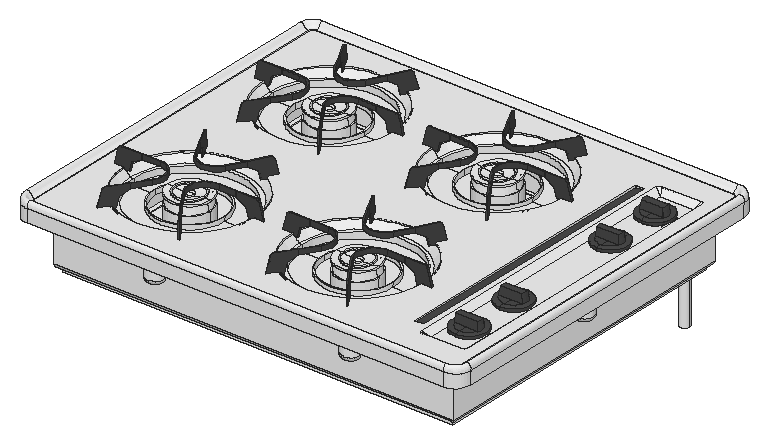
Revit family "QF_Summit_ZNL03P_Cooktop", category Specialty Equipment, Revit 2020 (continued)
Definition of nested family "Summit_Burner"
  Automatic sketch dimensions
    curve 28 to curve 30 = 0"
    curve 28 to curve 29 = 0"
    curve 37 to curve 23 = 0.00008"
    curve 23 to curve 21 = 0.00002"
    curve 21 to curve 20 = 0.00003"
    curve 30 to curve 16 = 0.00015"
    curve 32 to curve 20 = 0.08532"
    curve 21 to curve 32 = 0.00683"
    curve 31 to curve 21 = 0.0725"
    curve 12 to curve 11 = 0.00194"
    curve 34 to curve 12 = 0.06053"
    curve 33 to curve 12 = 0.06852"
    curve 10 to curve 11 = 0.27562"
    curve 30 to curve 23 = 0.05436"
    curve 35 to curve 10 = 0.05987"
    curve 32 to curve 33 = 0.01816"
    curve 34 to curve 32 = 0.06703"
    curve 31 to curve 34 = 0.0111"
    curve 29 to curve 25 = 0.0546"
    curve 26 to curve 25 = 0.14085"
    curve 36 to curve 9 = 0.05612"
    curve 28 to curve 26 = 0.05462"
    curve 8 to curve 36 = 0.11219"
    curve 37 to curve 8 = 0.0556"
    curve 30 to curve 35 = 0.00104"
    curve 29 to curve 36 = 0.00067"
    curve 28 to curve 37 = 0.00063"
    curve 18 to curve 21 = 0.00535"
    curve 21 to curve 19 = 0.07323"
    curve 11 to curve 12 = 0.0019"
    curve 12 to curve 14 = 0.06051"
    curve 12 to curve 13 = 0.06855"
    curve 11 to curve 10 = 0.3055"
    curve 23 to curve 22 = 0.06833"
    curve 10 to curve 15 = 0.04534"
    curve 13 to curve 18 = 0.01507"
    curve 18 to curve 14 = 0.07001"
    curve 19 to plane 8 "Center X" = 0.08242"
    curve 25 to curve 24 = 0.05466"
    curve 9 to curve 16 = 0.0538"
    curve 26 to curve 27 = 7/128"
    curve 9 to curve 8 = 0.16803"
    curve 8 to curve 17 = 0.04772"
    curve 15 to curve 22 = 0.00203"
    curve 16 to curve 24 = 0.0001"
    curve 17 to curve 27 = 0.00107"
    curve 30 to curve 35 = 0.06245"
    curve 29 to curve 36 = 0.06245"
    curve 28 to curve 37 = 0.06245"
    curve 18 to curve 14 = 0.0297"
    curve 32 to curve 34 = 0.03106"
    curve 12 to curve 34 = 0.04337"
    curve 14 to curve 11 = 0.04324"
    curve 15 to curve 10 = 0.02225"
    curve 16 to curve 9 = 0.03201"
    curve 17 to curve 8 = 0.02894"
    Revolve 1 sketch curve to plane 7 "Center Y" = 0"  (x2)
    Revolve 1 sketch curve to Revolve 1 sketch curve = 0.23333"
    Revolve 1 sketch curve to plane 7 "Center Y" = 0.24695"
    Revolve 1 sketch curve to Revolve 1 sketch curve = 0.51345"
    Revolve 1 sketch curve to Revolve 1 sketch curve = 0.02917"
    Revolve 1 sketch curve to Revolve 1 sketch curve = 0.18246"
    Revolve 1 sketch curve to Revolve 1 sketch curve = 0.07859"
    Revolve 1 sketch curve to Revolve 1 sketch curve = 0.0713"
    Revolve 1 sketch curve to plane 6 "TOP" = 0.50892"
    Revolve 1 sketch curve to Revolve 1 sketch curve = 0.14989"
    Revolve 1 sketch curve to Revolve 1 sketch curve = 0.7"
    Revolve 1 sketch curve to Revolve 1 sketch curve = 0.05833"  (x2)
    plane 3 "LEFT" to Revolve 1 sketch curve = 0.74587"
    Revolve 1 sketch curve to Revolve 1 sketch curve = 0.1959"
    plane 3 "LEFT" to Revolve 1 sketch curve = 1/4"
    Revolve 1 sketch curve to plane 6 "TOP" = 0.53304"
    Revolve 1 sketch curve to Revolve 1 sketch curve = 0.02643"
    Revolve 1 sketch curve to plane 6 "TOP" = 0.8456"
    Revolve 1 sketch curve to Revolve 1 sketch curve = 0"  (x2)
    Revolve 1 sketch curve to Revolve 1 sketch curve = 0.20616"
    Revolve 1 sketch curve to Revolve 1 sketch curve = 1.38136"
    Revolve 1 sketch curve to Revolve 1 sketch curve = 0.0449"
    Revolve 1 sketch curve to Revolve 1 sketch curve = 0.35749"
    Revolve 1 sketch curve to Revolve 1 sketch curve = 0.07043"
    Revolve 1 sketch curve to Revolve 1 sketch curve = 0.03555"
    Revolve 1 sketch curve to Revolve 1 sketch curve = 0.07819"
    Revolve 1 sketch curve to Revolve 1 sketch curve = 0.04006"
    Revolve 1 sketch curve to Revolve 1 sketch curve = 0.01412"
    Revolve 1 sketch curve to Revolve 1 sketch curve = 0.0834"
    Extrusion 2 sketch curve to Extrusion 2 sketch curve = 0"  (x6)
    Extrusion 2 sketch curve to plane 7 "Center Y" = 0"
    plane 7 "Center Y" to Extrusion 2 sketch curve = 0.78533"
    plane 7 "Center Y" to Extrusion 2 sketch curve = 0.79697"
    Extrusion 2 sketch curve to Extrusion 2 sketch curve = 0.05518"  (x4)
    Extrusion 2 sketch curve to Extrusion 2 sketch curve = 0.05181"  (x4)
    Extrusion 2 sketch curve to Extrusion 2 sketch curve = 0.44677"  (x2)
    Extrusion 2 sketch curve to Extrusion 2 sketch curve = 0.54664"  (x2)
    Extrusion 2 sketch curve to plane 8 "Center X" = 1/32"
    Extrusion 2 sketch curve to Extrusion 2 sketch curve = 0.73738"  (x2)
    Extrusion 2 sketch curve to Extrusion 2 sketch curve = 0.95164"  (x2)
    Extrusion 2 sketch curve to plane 7 "Center Y" = 0.78533"
    Extrusion 2 sketch curve to plane 7 "Center Y" = 0.79697"
    plane 8 "Center X" to Extrusion 2 sketch curve = 1/32"
    plane 8 "Center X" to Extrusion 2 sketch curve = 1.39462"
    Extrusion 2 sketch curve to Extrusion 2 sketch curve = 0.02934"
    Extrusion 2 sketch curve to Extrusion 2 sketch curve = 0.41757"
    Extrusion 2 sketch curve to Extrusion 2 sketch curve = 1/16"  (x2)
    Extrusion 2 sketch curve to Extrusion 2 sketch curve = 0.88944"  (x2)
    plane 6 "TOP" to Extrusion 3 sketch curve = 1/4"
    plane 3 "LEFT" to Extrusion 3 sketch curve = 1.21219"
    Extrusion 3 sketch curve to plane 6 "TOP" = 0.05877"
    Extrusion 3 sketch curve to Extrusion 3 sketch curve = 0.53481"
    Extrusion 3 sketch curve to Extrusion 3 sketch curve = 0.12323"
    Extrusion 3 sketch curve to Extrusion 3 sketch curve = 1/4"
    Extrusion 3 sketch curve to Extrusion 3 sketch curve = 0.09613"
    plane 3 "LEFT" to Extrusion 3 sketch curve = 0.16348"
    Extrusion 3 sketch curve to plane 3 "LEFT" = 0.05937"
    Extrusion 3 sketch curve to plane 3 "LEFT" = 0.24994"
    Extrusion 3 sketch curve to plane 6 "TOP" = 0.43845"
    Extrusion 3 sketch curve to Extrusion 3 sketch curve = 0.11457"
    plane 6 "TOP" to Extrusion 3 sketch curve = 0.27032"
    Extrusion 3 sketch curve to Extrusion 3 sketch curve = 0.05556"
    plane 6 "TOP" to Extrusion 4 sketch curve = 1/4"
    Extrusion 4 sketch curve to plane 6 "TOP" = 0.05877"
    Extrusion 4 sketch curve to Extrusion 4 sketch curve = 0.53481"
    Extrusion 4 sketch curve to Extrusion 4 sketch curve = 0.12323"
    Extrusion 4 sketch curve to plane 6 "TOP" = 0.55301"
    Extrusion 4 sketch curve to Extrusion 4 sketch curve = 1/4"
    Extrusion 4 sketch curve to plane 6 "TOP" = 0.43845"
    Extrusion 4 sketch curve to Extrusion 4 sketch curve = 0.09613"
    plane 6 "TOP" to Extrusion 4 sketch curve = 0.27032"
    Extrusion 4 sketch curve to Extrusion 4 sketch curve = 0.5139"
    plane 6 "TOP" to Extrusion 4 sketch curve = 0.32589"
    Extrusion 4 sketch curve to Extrusion 4 sketch curve = 0.22285"
    Extrusion 4 sketch curve to Extrusion 4 sketch curve = 0.45796"
    plane 6 "TOP" to Extrusion 5 sketch curve = 1/4"
    plane 4 "RIGHT" to Extrusion 5 sketch curve = 1.21219"
    Extrusion 5 sketch curve to plane 6 "TOP" = 0.05877"
    Extrusion 5 sketch curve to Extrusion 5 sketch curve = 0.53481"
    Extrusion 5 sketch curve to Extrusion 5 sketch curve = 0.12323"
    Extrusion 5 sketch curve to Extrusion 5 sketch curve = 1/4"
    Extrusion 5 sketch curve to Extrusion 5 sketch curve = 0.09613"
    plane 4 "RIGHT" to Extrusion 5 sketch curve = 0.16348"
    Extrusion 5 sketch curve to plane 4 "RIGHT" = 0.05937"
    Extrusion 5 sketch curve to plane 4 "RIGHT" = 0.24994"
    plane 6 "TOP" to Extrusion 5 sketch curve = 0.27032"
    Extrusion 5 sketch curve to Extrusion 5 sketch curve = 0.05556"
    Extrusion 5 sketch curve to plane 6 "TOP" = 0.43845"
    Extrusion 5 sketch curve to Extrusion 5 sketch curve = 0.11457"
    plane 6 "TOP" to Extrusion 6 sketch curve = 1/4"
    Extrusion 6 sketch curve to plane 6 "TOP" = 0.05877"
    Extrusion 6 sketch curve to Extrusion 6 sketch curve = 0.53481"
    Extrusion 6 sketch curve to Extrusion 6 sketch curve = 0.12323"
    Extrusion 6 sketch curve to plane 6 "TOP" = 0.55301"
    Extrusion 6 sketch curve to Extrusion 6 sketch curve = 1/4"
    Extrusion 6 sketch curve to plane 6 "TOP" = 0.43845"
    Extrusion 6 sketch curve to Extrusion 6 sketch curve = 0.09613"
    plane 6 "TOP" to Extrusion 6 sketch curve = 0.27032"
    Extrusion 6 sketch curve to Extrusion 6 sketch curve = 0.5139"
    plane 6 "TOP" to Extrusion 6 sketch curve = 0.32589"
    Extrusion 6 sketch curve to Extrusion 6 sketch curve = 0.22285"
    Extrusion 6 sketch curve to Extrusion 6 sketch curve = 0.45796"
    plane 6 "TOP" to Extrusion 7 sketch curve = 1/4"
    Extrusion 7 sketch curve to plane 6 "TOP" = 0.05877"
    Extrusion 7 sketch curve to Extrusion 7 sketch curve = 0.53481"
    Extrusion 7 sketch curve to Extrusion 7 sketch curve = 0.12323"
    Extrusion 7 sketch curve to plane 6 "TOP" = 0.55301"
    Extrusion 7 sketch curve to Extrusion 7 sketch curve = 1/4"
    Extrusion 7 sketch curve to plane 6 "TOP" = 0.43845"
    Extrusion 7 sketch curve to Extrusion 7 sketch curve = 0.09613"
    plane 6 "TOP" to Extrusion 7 sketch curve = 0.27032"
    Extrusion 7 sketch curve to Extrusion 7 sketch curve = 0.5139"
    plane 6 "TOP" to Extrusion 7 sketch curve = 0.32589"
    Extrusion 7 sketch curve to Extrusion 7 sketch curve = 0.22285"
    Extrusion 7 sketch curve to Extrusion 7 sketch curve = 0.45796"
    plane 6 "TOP" to Extrusion 8 sketch curve = 1/4"
    Extrusion 8 sketch curve to plane 6 "TOP" = 0.05877"
    Extrusion 8 sketch curve to Extrusion 8 sketch curve = 0.53481"
    Extrusion 8 sketch curve to Extrusion 8 sketch curve = 0.12323"
    Extrusion 8 sketch curve to plane 6 "TOP" = 0.55301"
    Extrusion 8 sketch curve to Extrusion 8 sketch curve = 1/4"
    Extrusion 8 sketch curve to plane 6 "TOP" = 0.43845"
    Extrusion 8 sketch curve to Extrusion 8 sketch curve = 0.09613"
    plane 6 "TOP" to Extrusion 8 sketch curve = 0.27032"
    Extrusion 8 sketch curve to Extrusion 8 sketch curve = 0.5139"
    plane 6 "TOP" to Extrusion 8 sketch curve = 0.32589"
    Extrusion 8 sketch curve to Extrusion 8 sketch curve = 0.22285"
    Extrusion 8 sketch curve to Extrusion 8 sketch curve = 0.45796"
    curve 38 to curve 10 = 0.09124"
    curve 39 to curve 38 = 0.05181"
    curve 40 to curve 41 = 0.03495"
    curve 42 to plane 5 "FRONT" = 0.2744"
    curve 10 to curve 43 = 0.11316"
    curve 43 to curve 44 = 0"
    curve 44 to curve 43 = 0.05181"
    curve 45 to curve 9 = 0.5693"
    curve 45 to curve 46 = 0.03495"
    plane 8 "Center X" to curve 49 = 1/32"
    curve 49 to plane 4 "RIGHT" = 0.24994"
    curve 50 to plane 5 "FRONT" = 0.2744"
    curve 45 to curve 50 = 0.05181"
    curve 49 to plane 8 "Center X" = 1/32"
    curve 25 to curve 26 = 0.14084"
    curve 26 to curve 27 = 0.03027"
    curve 23 to curve 30 = 0.03089"
    curve 21 to curve 31 = 0.03066"
    curve 20 to curve 18 = 0.08679"
    curve 21 to curve 32 = 0.07353"
    curve 20 to curve 32 = 0.03085"
    curve 30 to curve 51 = 0.12572"
    curve 51 to curve 23 = 0.07139"
    curve 51 to curve 52 = 0.05518"
    curve 52 to curve 51 = 0.05518"
    curve 56 to curve 55 = 0.05518"
    plane 1 "BACK" to curve 57 = 0.1948"
    plane 1 "BACK" to curve 54 = 0.1948"
    radius of curve 2 = 0.80512"
    radius of curve 3 = 0.74678"
    radius of curve 4 = 0.23333"
